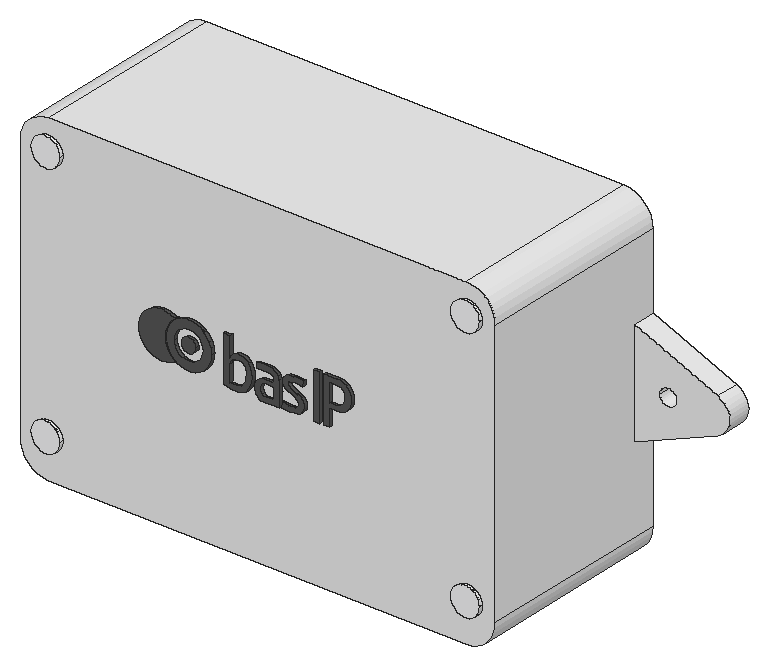
Revit family "BAS-IP_Модуль подключения Wiegand_SH-12", category Устройства связи, Revit 2019
Family settings
  Сохранять ориентацию аннотаций = Нет
  Размер круглого соединителя = Использовать диаметр
  Тип детали = Нормальный
  На основе рабочей плоскости = Нет
  Всегда вертикально = Да
  При загрузке вырезать с полостями = Нет
  Общий = Нет
  Точка расчета площади = Нет
Parameters (values of type "SH-12")
  УГО_Смещение_Y [instance] = 0 mm
  УГО_Смещение_X [instance] = 0 mm
  Температура хранения = "-15 – +65 °С"
  Масса = "0,11 кг"
  Температура эксплуатации = "-40 – +70 °С"
  Габаритные размеры с креплениями = "115 × 56 × 34 мм"
  Интерфейс подключния к панелям BAS-IP = "RS485 (A&B)"
  Интерфейс подключения считывателей = "Wiegand 26, 34, 58, 64, 66 бит"
  Интерфейс подключения контроллеров = "Wiegand 26, 34, 58, 64, 66 бит"
  Допустимая влажность = "20 – 80 %"
  Габаритные размеры = "82 × 56 × 34 мм"
  Напряжение питания = "+12 В"
  Ток потребления = "0,15 А"
  Класс степени защиты = "IP30C"
  Изготовитель = "BAS-IP"  # constant formula
  ADSK_Размер_Смещение от уровня [instance] = 1000 mm
  ADSK_Примечание [instance] = ""
  ADSK_Позиция [instance] = ""
  ADSK_Наименование = "Модуль подключения внешних устройств к панелям BAS-IP по интерфейсу Wiegand"
  ADSK_Материал = White
  ADSK_Марка = "SH-12"
  ADSK_Количество = 1  # constant formula
  ADSK_Код изделия = ""
  ADSK_Завод-изготовитель = "BAS-IP"  # constant formula
  ADSK_Единица измерения = "шт."  # constant formula
Reference planes
  plane 1 "По центру (Вперед/Назад)": y = 0
  plane 2: z = 0
  plane 3 "По центру (Влево/Вправо)": x = 0
  plane 4: z = 1000
  plane 5: z = 28.75
  plane 6: z = 28.75
  plane 7: z = 1028.75
  plane 8: z = 1028.75
  plane 9: z = 0
  plane 10: x = 0
  plane 11: y = 0
Forms (mm)
  Extrusion 1, solid, material "White" <- "ADSK_Материал", not visible, detail levels medium+fine
    sketch origin (0, 0, 0) x (1, 0, 0) y (0, 0, 1)
      loop
        arc (-36, 56) -> (-39.536, 54.536) -> (-41, 51) r 5
        line (-41, 51) -> (-41, 5)
        arc (-41, 5) -> (-39.536, 1.464) -> (-36, 0) r 5
        line (-36, 0) -> (36, 0)
        arc (36, 0) -> (39.536, 1.464) -> (41, 5) r 5
        line (41, 5) -> (41, 51)
        arc (41, 51) -> (39.536, 54.536) -> (36, 56) r 5
        line (36, 56) -> (-36, 56)
    from 0 to 34
  Extrusion 2, solid, material "Gray silver", not visible, detail levels medium+fine
    sketch origin (0, 0.5, 0) x (1, 0, 0) y (0, 0, 1)
      loop
        circle (-36.204, 50.967) r 2.5
      loop
        circle (36.204, 50.967) r 2.5
      loop
        circle (-36.204, 6.866) r 2.5
      loop
        circle (36.204, 6.866) r 2.5
    from 34 to 35
  Extrusion 3, solid, material "White" <- "ADSK_Материал", not visible, detail levels medium+fine
    sketch origin (1.25, 0, 0) x (1, 0, 0) y (0, 0, 1)
      loop
        line (-42.25, 38.027) -> (-56.72, 31.976)
        arc (-56.72, 31.976) -> (-58.757, 28.917) -> (-56.72, 25.857) r 3.316
        line (-56.72, 25.857) -> (-42.25, 19.806) -> (-42.25, 38.027)
      loop
        circle (-48.162, 28.75) r 1.5
    from 0 to 4
  Extrusion 4, solid, material "White" <- "ADSK_Материал", not visible, detail levels medium+fine
    sketch origin (-1.25, 0, 0) x (-1, 0, 0) y (0, 0, -1)
      loop
        line (-42.25, -38.027) -> (-42.25, -19.806) -> (-56.72, -25.857)
        arc (-56.72, -25.857) -> (-58.757, -28.917) -> (-56.72, -31.976) r 3.316
        line (-56.72, -31.976) -> (-42.25, -38.027)
      loop
        circle (-48.162, -28.75) r 1.5
    from 0 to 4
  Extrusion 5, solid, material "White" <- "ADSK_Материал", detail levels medium+fine
    sketch origin (0, 0, 1000) x (1, 0, 0) y (0, 0, 1)
      loop
        arc (-36, 56) -> (-39.536, 54.536) -> (-41, 51) r 5
        line (-41, 51) -> (-41, 5)
        arc (-41, 5) -> (-39.536, 1.464) -> (-36, 0) r 5
        line (-36, 0) -> (36, 0)
        arc (36, 0) -> (39.536, 1.464) -> (41, 5) r 5
        line (41, 5) -> (41, 51)
        arc (41, 51) -> (39.536, 54.536) -> (36, 56) r 5
        line (36, 56) -> (-36, 56)
    from 0 to 34
  Extrusion 6, solid, material "Gray silver", detail levels medium+fine
    sketch origin (0, 0.5, 1000) x (1, 0, 0) y (0, 0, 1)
      loop
        circle (-36.204, 50.967) r 2.5
      loop
        circle (36.204, 50.967) r 2.5
      loop
        circle (-36.204, 6.866) r 2.5
      loop
        circle (36.204, 6.866) r 2.5
    from 34 to 35
  Extrusion 7, solid, material "White" <- "ADSK_Материал", detail levels medium+fine
    sketch origin (1.25, 0, 1000) x (1, 0, 0) y (0, 0, 1)
      loop
        line (-42.25, 38.027) -> (-56.72, 31.976)
        arc (-56.72, 31.976) -> (-58.757, 28.917) -> (-56.72, 25.857) r 3.316
        line (-56.72, 25.857) -> (-42.25, 19.806) -> (-42.25, 38.027)
      loop
        circle (-48.162, 28.75) r 1.5
    from 0 to 4
  Extrusion 8, solid, material "White" <- "ADSK_Материал", detail levels medium+fine
    sketch origin (-1.25, 0, 1000) x (-1, 0, 0) y (0, 0, -1)
      loop
        line (-42.25, -38.027) -> (-42.25, -19.806) -> (-56.72, -25.857)
        arc (-56.72, -25.857) -> (-58.757, -28.917) -> (-56.72, -31.976) r 3.316
        line (-56.72, -31.976) -> (-42.25, -38.027)
      loop
        circle (-48.162, -28.75) r 1.5
    from 0 to 4
Dimensions and locks
  "ADSK_Размер_Смещение от уровня": plane 4 to plane 2
  "УГО_Смещение_X": plane 3 "По центру (Влево/Вправо)" to plane 10
  "УГО_Смещение_Y": plane 11 to plane 1 "По центру (Вперед/Назад)"
  aligned and locked: level to plane 2
  aligned and locked: Extrusion 5 to plane 4
  aligned and locked: plane 10 to nested 3
  aligned and locked: nested 3 to plane 11
Automatic sketch dimensions
  Extrusion 1 sketch curve to Extrusion 1 sketch curve = 5 mm  (x3)
  Extrusion 1 sketch curve to Extrusion 1 sketch curve = 72 mm
  Extrusion 1 sketch curve to Extrusion 1 sketch curve = 0 mm
  Extrusion 1 sketch curve to Extrusion 1 sketch curve = 46 mm
  Extrusion 2 sketch curve to Extrusion 2 sketch curve = 0 mm  (x3)
  Extrusion 2 sketch curve to Extrusion 2 sketch curve = 72.408 mm
  Extrusion 2 sketch curve to Extrusion 2 sketch curve = 44.101 mm  (x2)
  Extrusion 3 sketch curve to plane 5 = 0 mm
  plane 5 to Extrusion 3 sketch curve = 3.226 mm
  Extrusion 3 sketch curve to plane 5 = 2.893 mm
  Extrusion 3 sketch curve to Extrusion 3 sketch curve = 0 mm
  Extrusion 3 sketch curve to Extrusion 3 sketch curve = 1.279 mm
  Extrusion 3 sketch curve to Extrusion 3 sketch curve = 7.279 mm
  Extrusion 3 sketch curve to Extrusion 3 sketch curve = 5.912 mm
  Extrusion 3 sketch curve to plane 5 = 8.944 mm
  plane 5 to Extrusion 3 sketch curve = 9.277 mm
  Extrusion 4 sketch curve to plane 6 = 0 mm
  plane 6 to Extrusion 4 sketch curve = 3.226 mm
  Extrusion 4 sketch curve to plane 6 = 2.893 mm
  Extrusion 4 sketch curve to Extrusion 4 sketch curve = 0 mm
  Extrusion 4 sketch curve to Extrusion 4 sketch curve = 1.279 mm
  Extrusion 4 sketch curve to Extrusion 4 sketch curve = 7.279 mm
  Extrusion 4 sketch curve to Extrusion 4 sketch curve = 5.912 mm
  plane 6 to Extrusion 4 sketch curve = 9.277 mm
  Extrusion 4 sketch curve to plane 6 = 8.944 mm
  Extrusion 5 sketch curve to Extrusion 5 sketch curve = 5 mm  (x3)
  Extrusion 5 sketch curve to Extrusion 5 sketch curve = 72 mm
  Extrusion 5 sketch curve to Extrusion 5 sketch curve = 0 mm
  Extrusion 5 sketch curve to Extrusion 5 sketch curve = 46 mm
  Extrusion 6 sketch curve to Extrusion 6 sketch curve = 0 mm  (x3)
  Extrusion 6 sketch curve to Extrusion 6 sketch curve = 72.408 mm
  Extrusion 6 sketch curve to Extrusion 6 sketch curve = 44.101 mm  (x2)
  Extrusion 7 sketch curve to plane 7 = 0 mm
  plane 7 to Extrusion 7 sketch curve = 3.226 mm
  Extrusion 7 sketch curve to plane 7 = 2.893 mm
  Extrusion 7 sketch curve to Extrusion 7 sketch curve = 0 mm
  Extrusion 7 sketch curve to Extrusion 7 sketch curve = 1.279 mm
  Extrusion 7 sketch curve to Extrusion 7 sketch curve = 7.279 mm
  Extrusion 7 sketch curve to Extrusion 7 sketch curve = 5.912 mm
  Extrusion 7 sketch curve to plane 7 = 8.944 mm
  plane 7 to Extrusion 7 sketch curve = 9.277 mm
  Extrusion 8 sketch curve to plane 8 = 0 mm
  plane 8 to Extrusion 8 sketch curve = 3.226 mm
  Extrusion 8 sketch curve to plane 8 = 2.893 mm
  Extrusion 8 sketch curve to Extrusion 8 sketch curve = 0 mm
  Extrusion 8 sketch curve to Extrusion 8 sketch curve = 1.279 mm
  Extrusion 8 sketch curve to Extrusion 8 sketch curve = 7.279 mm
  Extrusion 8 sketch curve to Extrusion 8 sketch curve = 5.912 mm
  plane 8 to Extrusion 8 sketch curve = 9.277 mm
  Extrusion 8 sketch curve to plane 8 = 8.944 mm
  radius of Extrusion 2 sketch curve = 2.5 mm  (x4)
  radius of Extrusion 3 sketch curve = 1.5 mm
  radius of Extrusion 4 sketch curve = 1.5 mm
  radius of Extrusion 6 sketch curve = 2.5 mm  (x4)
  radius of Extrusion 7 sketch curve = 1.5 mm
  radius of Extrusion 8 sketch curve = 1.5 mm
Nested families
  nested 1: "BAS-IP_Logo_M" at (-1.25, -33.5, 22.143), type "BAS-IP_Logo_M", not visible, detail levels fine
    with Материал Black
  nested 2: "BAS-IP_Logo_M" at (-1.25, -33.5, 1022.143), type "BAS-IP_Logo_M", detail levels fine
    with Материал Black
  nested 3: "УГО_Модуль управления" at (0, 0, 0), type "УГО_Модуль управления", detail levels coarse+medium
Connectors
  electrical at (0, -17, 1000)
    settings: on Extrusion 5, index 1, voltage 0 V, apparent load 0 VA, apparent load phase1 0 VA, apparent load phase2 0 VA, apparent load phase3 0 VA, power factor 1, load classification "Прочее", number of poles 1, system type 13, power factor state 1, is connector primary yes, connector utility no, sub classification motor no, connector description ""
Definition of nested family "BAS-IP_Logo_M"
  Parameters (values of type "BAS-IP_Logo_M")
    Материал [instance] = none
  Reference planes
    plane 1 "По центру (Вперед/Назад)": y = 0
    plane 2: z = 0
    plane 3 "По центру (Влево/Вправо)": x = 0
  Forms (mm)
    Extrusion 1, solid, material <- "Материал"
      sketch origin (0, 0, 0) x (1, 0, 0) y (0, 0, 1)
        loop
          circle (-10.243, 7.572) r 4
        loop
          circle (-10.243, 7.572) r 2.5
        loop
          circle (-10.243, 7.572) r 1.243
        loop
          line (-4.278, 11.609) -> (-4.278, 3.732)
          arc (-4.278, 3.732) -> (-2.247, 3.328) -> (-0.257, 3.903) r 4.38
          arc (-0.257, 3.903) -> (0.741, 6.101) -> (0.156, 8.443) r 3.668
          arc (0.156, 8.443) -> (-1.569, 9.278) -> (-3.12, 8.15) r 1.865
          line (-3.12, 8.15) -> (-3.12, 11.609) -> (-4.278, 11.609)
        loop
          line (4.381, 6.953) -> (2.708, 6.953)
          arc (2.708, 6.953) -> (1.143, 5.381) -> (2.193, 3.427) r 1.862
          line (2.193, 3.427) -> (5.385, 3.427)
          spline (5.385, 3.427) -> (5.486, 5.401) -> (5.48, 6.79) -> (5.388, 7.706) -> (5.23, 8.264) -> (5.026, 8.577) -> (4.796, 8.758) -> (4.549, 8.897) -> (4.259, 9.009) -> (3.891, 9.099) -> (3.39, 9.158) -> (2.65, 9.166) -> (1.566, 9.098)
          line (1.566, 9.098) -> (1.566, 8.205) -> (3.504, 8.205)
          arc (3.504, 8.205) -> (4.308, 7.835) -> (4.381, 6.953) r 0.878
        loop
          line (4.435, 6.281) -> (2.787, 6.281)
          arc (2.787, 6.281) -> (2.181, 5.255) -> (2.787, 4.229) r 1.171
          line (2.787, 4.229) -> (4.435, 4.229) -> (4.435, 6.281)
        loop
          line (-3.12, 7.277) -> (-3.12, 4.229)
          spline (-3.12, 4.229) -> (-1.778, 4.351) -> (-1.027, 4.671) -> (-0.608, 5.124) -> (-0.387, 5.678) -> (-0.289, 6.314) -> (-0.287, 6.974) -> (-0.427, 7.548) -> (-0.729, 7.952) -> (-1.126, 8.215) -> (-1.608, 8.34) -> (-2.312, 8.201) -> (-3.12, 7.277)
        loop
          spline (9.581, 9.006) -> (7.442, 9.112) -> (6.715, 8.885) -> (6.189, 8.423) -> (5.956, 7.76) -> (6.101, 7.123) -> (6.592, 6.658) -> (7.485, 6.226) -> (8.365, 5.733) -> (8.728, 5.173) -> (8.637, 4.701) -> (7.962, 4.38) -> (5.949, 4.472)
          line (5.949, 4.472) -> (5.865, 3.511)
          spline (5.865, 3.511) -> (7.993, 3.471) -> (9.031, 3.799) -> (9.606, 4.389) -> (9.789, 5.108) -> (9.608, 5.795) -> (9.176, 6.297) -> (8.515, 6.666) -> (7.712, 7.034) -> (7.093, 7.494) -> (7.013, 7.974) -> (7.796, 8.265) -> (9.507, 8.157)
          line (9.507, 8.157) -> (9.581, 9.006)
        loop
          line (11.296, 11.417) -> (11.296, 3.427) -> (12.325, 3.427) -> (12.325, 11.417) -> (11.296, 11.417)
        loop
          line (13.064, 11.417) -> (13.064, 3.427) -> (14.049, 3.427) -> (14.049, 6.359) -> (15.37, 6.359)
          arc (15.37, 6.359) -> (17.899, 8.888) -> (15.37, 11.417) r 2.529
          line (15.37, 11.417) -> (13.064, 11.417)
        loop
          line (14.049, 7.221) -> (15.318, 7.221)
          arc (15.318, 7.221) -> (16.739, 8.701) -> (15.638, 10.433) r 1.661
          line (15.638, 10.433) -> (14.049, 10.433) -> (14.049, 7.221)
      from 0 to 1
    Extrusion 2, solid, material <- "Материал"
      sketch origin (0, 0, 0) x (1, 0, 0) y (0, 0, 1)
        loop
          arc (-12.57, 10.825) -> (-18.868, 7.551) -> (-12.57, 4.276) r 4
          arc (-12.57, 4.276) -> (-14.235, 7.551) -> (-12.57, 10.825) r 4.053
      from 0 to 1
  Dimensions and locks
    aligned and locked: level to plane 2
Definition of nested family "УГО_Модуль управления"
  Reference planes
    plane 1: y = 0
    plane 2: x = 0
  Lines and regions (mm)
    detail lines
      curve 1: line (-1.649, 0, 0) -> (1.649, 0, 0)
      curve 2: line (-2.112, -2.58, 0) -> (-2.112, -0.463, 0)
      curve 3: line (1.66, -3.033, 0) -> (-1.66, -3.033, 0)
      curve 4: arc (-2.112, -0.463, 0) -> (-1.976, -0.136, 0) -> (-1.649, 0, 0) r 0.463
      curve 5: arc (-1.66, -3.033, 0) -> (-1.98, -2.9, 0) -> (-2.112, -2.58, 0) r 0.452
      curve 6: line (-2.112, -0.715, 0) -> (-3.419, -1.439, 0)
      curve 7: line (-2.112, -2.407, 0) -> (-3.389, -1.78, 0)
      curve 8: arc (-3.419, -1.439, 0) -> (-3.5, -1.618, 0) -> (-3.389, -1.78, 0) r 0.2
      curve 9: line (2.112, -2.58, 0) -> (2.112, -0.463, 0)
      curve 10: line (2.112, -0.715, 0) -> (3.398, -1.425, 0)
      curve 11: line (2.112, -2.407, 0) -> (3.389, -1.78, 0)
      curve 12: arc (2.112, -0.463, 0) -> (1.976, -0.136, 0) -> (1.649, 0, 0) r 0.463
      curve 13: arc (1.66, -3.033, 0) -> (1.98, -2.9, 0) -> (2.112, -2.58, 0) r 0.452
      curve 14: arc (3.398, -1.425, 0) -> (3.501, -1.605, 0) -> (3.389, -1.78, 0) r 0.2
